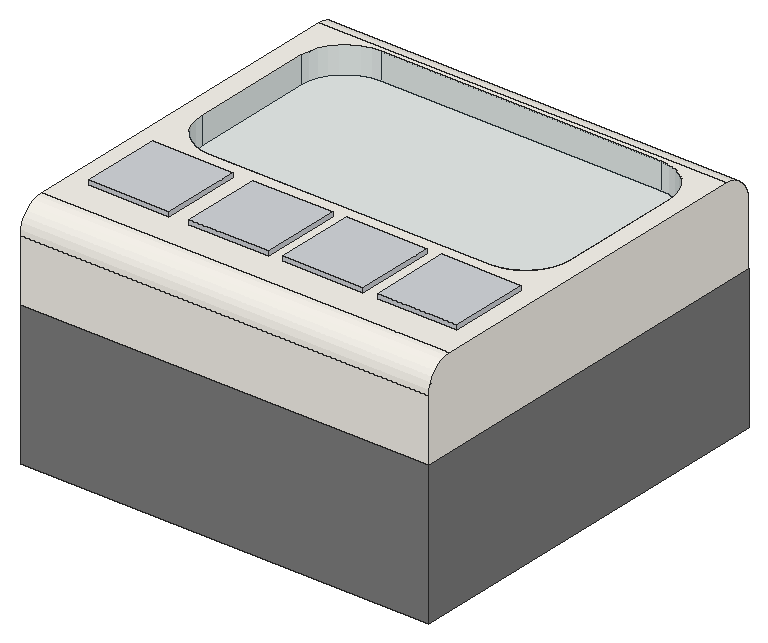
Revit family "Domotics-DomesticRanges-GEWISS-CHORUS_CLIMATE-DAILY-WEEKLY_TIMER", category Apparecchi elettrici, host Superficie, Revit 2016
Family settings
  Host = Superficie
  Mantenere orientamento annotazione = Sì
  Tipo di parte = Normale
  Quota connettore circolare = Usa diametro
  Taglio con vuoti quando caricato = Sì
  Condiviso = Sì
  Punto di calcolo locali = Sì
Parameters (values of type "GW14581 - Dly/wkly electronic timer 1 channel 2M Titanium")
  finitura = GEWISS TITANIO
  Version file RFA = "19.0"
  VISIBILITA' SIMBOLO [instance] = yes
  URL = "https://www.gewiss.com/ww/en"
  Tipo_ = CHORUS PROGRAMMATORE_g : GW14581 Programmatore elettronico giornaliero/settimanale 2M titanio
  Technical sheet = "https://www.gewiss.com/ww/en/search?q=GW14581"
  Supply voltage = "230 V ac - 50/60 Hz"
  SEO = "Programmer"
  Realized by GEWISS S.p.A. = ""
  Produttore = "GEWISS S.p.A."
  Output contacts = "1NO/NC 8A(AC1)/4A(AC15) 250V ac"
  Offset_bidimensionale [instance] = 2 mm
  Default Elevation = 1219.2 mm
  Offset_programmatore [instance] = 0 mm
  No. Chorus modules: = "2"
  No. Chorus modules = "2"
  Modello = "GW14581"
  Larghezza_Termometro = 23 mm
  Immagine tipo = GW14581.jpg
  IFC.TypeObject = ""
  IFC.ExportType = ""
  IFC.ExportAs = ""
  IDT = "c8a0c6df-912e-4acc-8e0a-20c261d53a2b"
  IDF = "5ac071e2-b636-417d-aa84-081a2f27b228"
  Electrocod = "0141"
  EAN code = "8011564268029"
  Distanza_x [instance] = 0 mm
  Distanza_effettiva_x [instance] = 1500 mm - Distanza_x  # 1500 mm
  Descrizione = "DLY/WKLY ELECTRONIC TIMER 1 CHANNEL 2M T"
  Description. = "Programmer"
  Colour = "Titanium"
  Catalogue Range = "CHORUS - DOMESTIC RANGE"
  Catalogue = "DOMOTICS"
  COBie.Tagnumber = ""
  COBie.CreatedOn = ""
  COBie.CreatebBy = ""
  COBie.ComponentRegisterItemID = ""
  COBie.Component.TagNumber = ""
  COBie.Component.Space = ""
  COBie.Component.SerialNumber = ""
  COBie.Component.InstallationDate = ""
  COBie.Component.Description = ""
  COBie.Component.BarCode = ""
  Altezza_Termometro = 45 mm
Types (3, lengths in mm): name | finitura | Tipo_ | Technical sheet | Modello | Immagine tipo | IDT | EAN code | Descrizione | Colour
  GW10581 - Dly/wkly electronic timer 1 channel 2M White | GEWISS BIANCO | CHORUS PROGRAMMATORE_g : GW10581 Programmatore elettronico giornaliero/settimanale 2M bianco | "https://www.gewiss.com/ww/en/search?q=GW10581" | "GW10581" | GW10581.jpg | "c654e93a-64a1-4ce5-a123-c3f68a023764" | "8011564262973" | "DLY/WKLY ELECTRONIC TIMER 1 CHANNEL 2M W" | "White"
  GW12581 - Dly/wkly electronic timer 1 channel 2M Black | GEWISS NERO | CHORUS PROGRAMMATORE_g : GW12581 Programmatore elettronico giornaliero/settimanale 2M nero | "https://www.gewiss.com/ww/en/search?q=GW12581" | "GW12581" | GW12581.jpg | "74fe58c9-4da3-4620-a140-3c64371ee679" | "8011564267374" | "DLY/WKLY ELECTRONIC TIMER 1 CHANNEL 2M B" | "Black"
  GW14581 - Dly/wkly electronic timer 1 channel 2M Titanium | GEWISS TITANIO | CHORUS PROGRAMMATORE_g : GW14581 Programmatore elettronico giornaliero/settimanale 2M titanio | "https://www.gewiss.com/ww/en/search?q=GW14581" | "GW14581" | GW14581.jpg | "c8a0c6df-912e-4acc-8e0a-20c261d53a2b" | "8011564268029" | "DLY/WKLY ELECTRONIC TIMER 1 CHANNEL 2M T" | "Titanium"
Reference planes
  plane 1 "Centro (Fronte/Retro)": y = 0
  plane 2: z = 0
  plane 3 "Centro (Sinistra/Destra)": x = 0
  plane 4: x = 0
  plane 5: x = -23
  plane 6: x = 23
  plane 7: y = -22.5
  plane 8: y = 22.5
  plane 9: through (-188, -4572, 0) normal (0.2756, 0, 0.9613)
  plane 10: through (-84.825, -4572, 124.258) normal (0.6561, 0, 0.7547)
  plane 11: z = 0
  plane 12 "aa": z = 28
  plane 13: z = 26
  plane 14: x = -1500
Lines and regions (mm)
  Masking region 1
    outline origin (0, 0, 0) x (0, 1, 0) y (0, 0, 1)
      loop
        line (-22.5, 22.261) -> (-22.5, 20) -> (22.5, 20) -> (22.5, 22.261) -> (-22.5, 22.261)
  Masking region 2, detail levels coarse
    outline origin (0, 0, 0) x (1, 0, 0) y (0, 0, 1)
      loop
        line (-23, 0) -> (23, 0) -> (23, 26) -> (-23, 26) -> (-23, 0)
  model lines, detail levels coarse
    curve 1: line (23, -22.5, 28) -> (-23, -22.5, 28)
    curve 2: line (23, 22.5, 28) -> (23, -22.5, 28)
    curve 3: line (-23, 22.5, 28) -> (23, 22.5, 28)
    curve 4: line (-23, -22.5, 28) -> (-23, 22.5, 28)
    curve 9: line (-20.597, -15.875, 28) -> (-11.597, -15.875, 28)
    curve 10: line (-11.597, -15.875, 28) -> (-11.597, -6.875, 28)
    curve 11: line (-11.597, -6.875, 28) -> (-20.597, -6.875, 28)
    curve 12: line (-20.597, -6.875, 28) -> (-20.597, -15.875, 28)
    curve 13: line (-9.283, -15.875, 28) -> (-0.283, -15.875, 28)
    curve 14: line (-0.283, -15.875, 28) -> (-0.283, -6.875, 28)
    curve 15: line (-0.283, -6.875, 28) -> (-9.283, -6.875, 28)
    curve 16: line (-9.283, -6.875, 28) -> (-9.283, -15.875, 28)
    curve 17: line (1.251, -15.875, 28) -> (10.251, -15.875, 28)
    curve 18: line (10.251, -15.875, 28) -> (10.251, -6.875, 28)
    curve 19: line (10.251, -6.875, 28) -> (1.251, -6.875, 28)
    curve 20: line (1.251, -6.875, 28) -> (1.251, -15.875, 28)
    curve 21: line (11.922, -15.875, 28) -> (20.922, -15.875, 28)
    curve 22: line (20.922, -15.875, 28) -> (20.922, -6.875, 28)
    curve 23: line (20.922, -6.875, 28) -> (11.922, -6.875, 28)
    curve 24: line (11.922, -6.875, 28) -> (11.922, -15.875, 28)
    curve 25: arc (20.922, -0.004, 28) -> (19.457, -3.54, 28) -> (15.922, -5.004, 28) r 5
    curve 26: line (15.922, -5.004, 28) -> (-15.597, -5.004, 28)
    curve 27: arc (-15.597, -5.004, 28) -> (-19.133, -3.54, 28) -> (-20.597, -0.004, 28) r 5
    curve 28: line (-20.597, -0.004, 28) -> (-20.597, 13.996, 28)
    curve 29: arc (-20.597, 13.996, 28) -> (-19.133, 17.531, 28) -> (-15.597, 18.996, 28) r 5
    curve 30: line (-15.597, 18.996, 28) -> (15.922, 18.996, 28)
    curve 31: arc (15.922, 18.996, 28) -> (19.457, 17.531, 28) -> (20.922, 13.996, 28) r 5
    curve 32: line (20.922, 13.996, 28) -> (20.922, -0.004, 28)
    curve 57: line (-7.309, -12.294, 28) -> (-4.581, -9.566, 28)
    curve 58: line (-4.581, -9.566, 28) -> (-2.105, -12.043, 28)
    curve 59: line (3.225, -12.294, 28) -> (5.952, -9.566, 28)
    curve 60: line (5.952, -9.566, 28) -> (8.429, -12.043, 28)
  model lines, not visible, detail levels coarse
    curve 5: line (152.8, -22.5, 50.692) -> (106.8, -22.5, 50.692)
    curve 6: line (152.8, 22.5, 50.692) -> (152.8, -22.5, 50.692)
    curve 7: line (106.8, 22.5, 50.692) -> (152.8, 22.5, 50.692)
    curve 8: line (106.8, -22.5, 50.692) -> (106.8, 22.5, 50.692)
    curve 33: line (109.202, -15.875, 50.692) -> (118.202, -15.875, 50.692)
    curve 34: line (118.202, -15.875, 50.692) -> (118.202, -6.875, 50.692)
    curve 35: line (118.202, -6.875, 50.692) -> (109.202, -6.875, 50.692)
    curve 36: line (109.202, -6.875, 50.692) -> (109.202, -15.875, 50.692)
    curve 37: line (120.517, -15.875, 50.692) -> (129.517, -15.875, 50.692)
    curve 38: line (129.517, -15.875, 50.692) -> (129.517, -6.875, 50.692)
    curve 39: line (129.517, -6.875, 50.692) -> (120.517, -6.875, 50.692)
    curve 40: line (120.517, -6.875, 50.692) -> (120.517, -15.875, 50.692)
    curve 41: line (131.05, -15.875, 50.692) -> (140.05, -15.875, 50.692)
    curve 42: line (140.05, -15.875, 50.692) -> (140.05, -6.875, 50.692)
    curve 43: line (140.05, -6.875, 50.692) -> (131.05, -6.875, 50.692)
    curve 44: line (131.05, -6.875, 50.692) -> (131.05, -15.875, 50.692)
    curve 45: line (141.721, -15.875, 50.692) -> (150.721, -15.875, 50.692)
    curve 46: line (150.721, -15.875, 50.692) -> (150.721, -6.875, 50.692)
    curve 47: line (150.721, -6.875, 50.692) -> (141.721, -6.875, 50.692)
    curve 48: line (141.721, -6.875, 50.692) -> (141.721, -15.875, 50.692)
    curve 49: arc (150.721, -0.004, 50.692) -> (149.257, -3.54, 50.692) -> (145.721, -5.004, 50.692) r 5
    curve 50: line (145.721, -5.004, 50.692) -> (114.202, -5.004, 50.692)
    curve 51: arc (114.202, -5.004, 50.692) -> (110.667, -3.54, 50.692) -> (109.202, -0.004, 50.692) r 5
    curve 52: line (109.202, -0.004, 50.692) -> (109.202, 13.996, 50.692)
    curve 53: arc (109.202, 13.996, 50.692) -> (110.667, 17.531, 50.692) -> (114.202, 18.996, 50.692) r 5
    curve 54: line (114.202, 18.996, 50.692) -> (145.721, 18.996, 50.692)
    curve 55: arc (145.721, 18.996, 50.692) -> (149.257, 17.531, 50.692) -> (150.721, 13.996, 50.692) r 5
    curve 56: line (150.721, 13.996, 50.692) -> (150.721, -0.004, 50.692)
    curve 61: line (122.491, -12.294, 50.692) -> (125.218, -9.566, 50.692)
    curve 62: line (125.218, -9.566, 50.692) -> (127.695, -12.043, 50.692)
    curve 63: line (133.024, -12.294, 50.692) -> (135.752, -9.566, 50.692)
    curve 64: line (135.752, -9.566, 50.692) -> (138.228, -12.043, 50.692)
Text (mm)
  text "c=b/2" at (-42.758, 0, 50.242), in view "Anteriore"
Dimensions and locks
  plane 14 to plane 3 "Centro (Sinistra/Destra)" = 1500 mm
  "Offset_programmatore": plane 11 to plane 2
  locked: plane 13 to plane 11 at 26
  "Offset_bidimensionale": plane 12 "aa" to plane 13
  "Distanza_effettiva_x": plane 14 to plane 4
  angle plane 10 to plane 9 = 25.00°
  aligned and locked: plane 2 to host face
  aligned and locked: level to host face
  aligned and locked: plane 1 "Centro (Fronte/Retro)" to nested 1
  aligned and locked: Masking region 1 sketch curve to plane 8
  aligned and locked: plane 7 to Masking region 1 sketch curve
  aligned and locked: nested 1 to plane 11
  aligned and locked: plane 6 to Masking region 2 sketch curve
  aligned and locked: Masking region 2 sketch curve to plane 11
  aligned and locked: Masking region 2 sketch curve to plane 5
  aligned and locked: plane 12 "aa" to curve 1
  aligned and locked: plane 4 to nested 2
Automatic sketch dimensions
  host sketch curve to host sketch curve = 2438.4 mm  (x2)
  curve 1 to curve 23 = 2.078 mm
  curve 2 to curve 31 = 7.078 mm
  curve 22 to curve 25 = 5 mm
  curve 25 to curve 23 = 4 mm
  curve 23 to curve 19 = 1.671 mm
  curve 17 to curve 17 = 9 mm
  curve 19 to curve 14 = 1.534 mm
  curve 13 to curve 13 = 9 mm
  curve 13 to curve 10 = 2.315 mm
  curve 10 to curve 29 = 4 mm
  curve 10 to curve 27 = 4 mm
  curve 9 to curve 9 = 9 mm
  curve 9 to curve 4 = 2.403 mm
  curve 3 to curve 29 = 8.504 mm
  curve 31 to curve 25 = 14 mm
  curve 27 to curve 11 = 6.871 mm
  curve 10 to curve 16 = 0 mm
  curve 25 to curve 18 = 6.871 mm
  curve 25 to curve 22 = 6.871 mm
  curve 23 to curve 24 = 9 mm
  curve 19 to curve 20 = 9 mm
  curve 15 to curve 16 = 9 mm
  curve 11 to curve 12 = 9 mm
  curve 21 to curve 2 = 6.625 mm
  curve 31 to curve 31 = 5 mm
  curve 29 to curve 28 = 5 mm
  curve 5 to curve 47 = 2.078 mm
  curve 6 to curve 55 = 7.078 mm
  curve 46 to curve 49 = 5 mm
  curve 49 to curve 47 = 4 mm
  curve 47 to curve 43 = 1.671 mm
  curve 41 to curve 41 = 9 mm
  curve 43 to curve 38 = 1.534 mm
  curve 37 to curve 37 = 9 mm
  curve 37 to curve 34 = 2.315 mm
  curve 34 to curve 53 = 4 mm
  curve 34 to curve 51 = 4 mm
  curve 33 to curve 33 = 9 mm
  curve 33 to curve 8 = 2.403 mm
  curve 7 to curve 53 = 8.504 mm
  curve 55 to curve 49 = 14 mm
  curve 51 to curve 35 = 6.871 mm
  curve 34 to curve 40 = 0 mm
  curve 49 to curve 42 = 6.871 mm
  curve 49 to curve 46 = 6.871 mm
  curve 47 to curve 48 = 9 mm
  curve 43 to curve 44 = 9 mm
  curve 39 to curve 40 = 9 mm
  curve 35 to curve 36 = 9 mm
  curve 45 to curve 6 = 6.625 mm
  curve 55 to curve 55 = 5 mm
  curve 53 to curve 52 = 5 mm
  plane 11 to Masking region 1 sketch curve = 22.261 mm
  level to Masking region 1 sketch curve = 20 mm
  Masking region 2 sketch curve to Masking region 2 sketch curve = 26 mm
  curve 58 to curve 57 = 2.477 mm
  curve 59 to curve 58 = 5.329 mm
  curve 60 to curve 59 = 2.477 mm
  curve 57 to curve 57 = 2.728 mm
  curve 57 to curve 60 = 0 mm
  curve 57 to curve 58 = 2.477 mm
  curve 59 to curve 60 = 2.477 mm
  curve 60 to curve 59 = 2.728 mm
  curve 62 to curve 61 = 2.477 mm
  curve 63 to curve 62 = 5.329 mm
  curve 64 to curve 63 = 2.477 mm
  curve 61 to curve 61 = 2.728 mm
  curve 61 to curve 64 = 0 mm
  curve 61 to curve 62 = 2.477 mm
  curve 63 to curve 64 = 2.477 mm
  curve 64 to curve 63 = 2.728 mm
Nested families
  nested 1: "CHORUS PROGRAMMATORE_g" at (-10.2, 0, 0), type <- "Tipo_", type "GW14581 Programmatore elettronico giornaliero/settimanale 2M titanio", detail levels medium+fine
    with Spostamento_y_effettivo_etichetta 1000 mm, Spostamento_X_etichetta 0 mm, Spostamento_X_effettivo_etichetta 1000 mm, Cornice simbolo yes
  nested 2: "PROGRAMMAT" at (0, 175.73, 0), SIMBOLO <- "VISIBILITA' SIMBOLO", visible <- "VISIBILITA' SIMBOLO", type "PROGRAMMAT"
    with SIMBOLO yes, Distanza dal muro 6 mm, BORDO ACCESO yes
Definition of nested family "CHORUS PROGRAMMATORE_g"
  Parameters (values of type "GW12708 Orologio-sveglia-termometro 2M titanio")
    Tasti = none
    Spostamento_y_effettivo_etichetta [instance] = 1000 mm
    Spostamento_X_etichetta [instance] = 0 mm
    Spostamento_X_effettivo_etichetta [instance] = 1000 mm - Spostamento_X_etichetta  # 1000 mm
    Default Elevation = 1219.2 mm
    Manufacturer = "GEWISS"
    Model = "GW14708"
    Materiale = none
    L = 45 mm
    Type Image = (empty or 0)
    IFC.TypeObject = ""
    IFC.ExportType = ""
    IFC.ExportAs = ""
    H = 46 mm
    Description = ""
    Cornice simbolo [instance] = yes
    Type Comments = ""
    COBie.CreatedOn = ""
    COBie.CreatebBy = ""
    COBie.ComponentRegisterItemID = ""
    COBie.Component.TagNumber = ""
    COBie.Component.Space = ""
    COBie.Component.SerialNumber = ""
    COBie.Component.InstallationDate = ""
    COBie.Component.Description = ""
    COBie.Component.BarCode = ""
  Types (3, lengths in mm): name | Model
    GW12708 Orologio-sveglia-termometro 2M titanio | "GW14708"
    GW12708 Orologio-sveglia-termometro 2M nero | "GW12708"
    GW10708 Orologio-sveglia-termometro 2M bianco | "GW10708"
  Reference planes
    plane 1 "Centro (Fronte/Retro)": y = 0
    plane 2: z = 0
    plane 3 "Centro (Sinistra/Destra)": x = 0
    plane 4: x = 33.2
    plane 5: x = -12.8
    plane 6: x = 0
    plane 7: x = 10.2
    plane 8: y = 22.5
    plane 9: y = -22.5
    plane 10: through (-60.367, 53, 1200) normal (0.9613, 0.2756, 0)
    plane 11: through (-48.369, -19.812, 1200) normal (-0.6428, 0.766, 0)
    plane 12: z = 16
    plane 13: x = -1.397
    plane 14: y = -6.875
    plane 15 "a": z = 26
    plane 16: x = -10.397
    plane 17 "posizione": z = 26.5
    plane 18: y = -15.875
    plane 19: x = 9.917
    plane 20: x = 0.917
    plane 21: x = 20.451
    plane 22: x = 11.451
    plane 23: x = 31.122
    plane 24: x = 22.122
    plane 25: y = 18.996
    plane 26: y = -5.004
    plane 27: x = -11.096
    plane 28: x = 30.904
    plane 29: z = 23
  Forms (mm)
    Extrusion 1, solid
      sketch origin (0, 0, 0) x (1, 0, 0) y (0, 0, 1)
        loop
          line (-12.8, 0) -> (33.2, 0) -> (33.2, 16) -> (-12.8, 16) -> (-12.8, 0)
      from -22.5 to 22.5
    Extrusion 2, solid, material <- "Materiale"
      sketch origin (0, 0, 0) x (0, 1, 0) y (0, 0, 1)
        loop
          line (-22.5, 23) -> (-22.5, 16) -> (22.5, 16) -> (22.5, 23)
          arc (22.5, 23) -> (21.621, 25.121) -> (19.5, 26) r 3
          line (19.5, 26) -> (-19.5, 26)
          arc (-19.5, 26) -> (-21.621, 25.121) -> (-22.5, 23) r 3
      from -12.8 to 33.2
    Extrusion 3, solid, material <- "Tasti"
      sketch origin (0, 0, 26) x (-1, 0, 0) y (0, -1, 0)
        loop
          line (10.397, 15.875) -> (1.397, 15.875) -> (1.397, 6.875) -> (10.397, 6.875) -> (10.397, 15.875)
        loop
          line (-0.917, 15.875) -> (-9.917, 15.875) -> (-9.917, 6.875) -> (-0.917, 6.875) -> (-0.917, 15.875)
        loop
          line (-11.451, 15.875) -> (-20.451, 15.875) -> (-20.451, 6.875) -> (-11.451, 6.875) -> (-11.451, 15.875)
        loop
          line (-22.122, 15.875) -> (-31.122, 15.875) -> (-31.122, 6.875) -> (-22.122, 6.875) -> (-22.122, 15.875)
      from 0 to 0.5
    Extrusion 4, void
      sketch origin (0, 0, 26) x (-1, 0, 0) y (0, -1, 0)
        loop
          arc (10.397, 0.004) -> (8.933, 3.54) -> (5.397, 5.004) r 5
          line (5.397, 5.004) -> (-26.122, 5.004)
          arc (-26.122, 5.004) -> (-29.657, 3.54) -> (-31.122, 0.004) r 5
          line (-31.122, 0.004) -> (-31.122, -13.996)
          arc (-31.122, -13.996) -> (-29.657, -17.531) -> (-26.122, -18.996) r 5
          line (-26.122, -18.996) -> (5.397, -18.996)
          arc (5.397, -18.996) -> (8.933, -17.531) -> (10.397, -13.996) r 5
          line (10.397, -13.996) -> (10.397, 0.004)
      from -3 to 0
    Extrusion 5, solid
      sketch origin (0, 0, 26) x (-1, 0, 0) y (0, -1, 0)
        loop
          arc (10.397, 0.004) -> (8.933, 3.54) -> (5.397, 5.004) r 5
          line (5.397, 5.004) -> (-26.122, 5.004)
          arc (-26.122, 5.004) -> (-29.657, 3.54) -> (-31.122, 0.004) r 5
          line (-31.122, 0.004) -> (-31.122, -13.996)
          arc (-31.122, -13.996) -> (-29.657, -17.531) -> (-26.122, -18.996) r 5
          line (-26.122, -18.996) -> (5.397, -18.996)
          arc (5.397, -18.996) -> (8.933, -17.531) -> (10.397, -13.996) r 5
          line (10.397, -13.996) -> (10.397, 0.004)
      from -3 to 0
  Cuts and joins
    Extrusion 4 cuts Extrusion 2
  Lines and regions (mm)
    model lines
      curve 1: line (2.891, -12.294, 26.5) -> (5.619, -9.566, 26.5)
      curve 2: line (5.619, -9.566, 26.5) -> (8.095, -12.043, 26.5)
      curve 3: line (13.425, -12.294, 26.5) -> (16.152, -9.566, 26.5)
      curve 4: line (16.152, -9.566, 26.5) -> (18.629, -12.043, 26.5)
  Text (mm)
    text "B=C*A" at (54.401, 20.009, 0), in view "Livello rif."
    text "C=b/2" at (42.779, 32.515, 0), in view "Livello rif."
  Dimensions and locks
    equal spacing: plane 8, plane 1 "Centro (Fronte/Retro)", plane 9
    "L": plane 8 to plane 9
    equal spacing: plane 5, plane 7, plane 4
    "H": plane 5 to plane 4
    locked: plane 12 to plane 2 at 16
    locked: plane 17 "posizione" to plane 15 "a" at 0.5
    locked: plane 16 to plane 13 at 9
    locked: plane 14 to plane 18 at 9
    locked: plane 20 to plane 19 at 9
    locked: plane 22 to plane 21 at 9
    locked: plane 24 to plane 23 at 9
    locked: plane 25 to plane 26 at 24
    radius of Extrusion 2 sketch curve = 3 mm  (x2)
    angle plane 1 "Centro (Fronte/Retro)" to plane 7 = 90.00°
    angle plane 11 to plane 10 = 66.00°
    angle plane 10 to plane 11 = 114.00°
    angle plane 8 to plane 11 = 40.00°
    angle plane 9 to plane 11 = 40.00°
    aligned and locked: level to plane 2
    aligned and locked: Extrusion 1 sketch curve to plane 12
    aligned and locked: Extrusion 1 sketch curve to plane 5
    aligned and locked: plane 4 to Extrusion 1 sketch curve
    aligned and locked: Extrusion 1 sketch curve to plane 2
    aligned and locked: plane 8 to Extrusion 1
    aligned and locked: Extrusion 1 to plane 9
    aligned and locked: Extrusion 2 sketch curve to plane 9
    aligned and locked: Extrusion 2 sketch curve to plane 8
    aligned and locked: Extrusion 2 sketch curve to plane 12
    aligned and locked: Extrusion 2 to plane 5
    aligned and locked: plane 4 to Extrusion 2
    aligned and locked: Extrusion 3 sketch curve to plane 16
    aligned and locked: Extrusion 3 sketch curve to plane 18
    aligned and locked: Extrusion 3 sketch curve to plane 14
    aligned and locked: plane 13 to Extrusion 3 sketch curve
    aligned and locked: Extrusion 3 sketch curve to plane 20
    aligned and locked: plane 19 to Extrusion 3 sketch curve
    aligned and locked: Extrusion 3 sketch curve to plane 22
    aligned and locked: plane 21 to Extrusion 3 sketch curve
    aligned and locked: Extrusion 3 sketch curve to plane 24
    aligned and locked: plane 23 to Extrusion 3 sketch curve
    aligned and locked: Extrusion 3 to plane 15 "a"
    aligned and locked: plane 17 "posizione" to Extrusion 3
    aligned and locked: Extrusion 4 sketch curve to plane 16
    aligned and locked: plane 23 to Extrusion 4 sketch curve
    aligned and locked: Extrusion 4 sketch curve to plane 25
    aligned and locked: Extrusion 4 sketch curve to plane 26
    aligned and locked: Extrusion 4 to plane 29
    aligned and locked: plane 15 "a" to Extrusion 4
    aligned and locked: Extrusion 5 sketch curve to plane 16
    aligned and locked: Extrusion 5 sketch curve to plane 26
    aligned and locked: Extrusion 5 sketch curve to plane 25
    aligned and locked: plane 23 to Extrusion 5 sketch curve
    aligned and locked: Extrusion 5 to plane 29
    aligned and locked: plane 15 "a" to Extrusion 5
  Automatic sketch dimensions
    Extrusion 3 sketch curve to plane 18 = 0 mm  (x3)
    Extrusion 3 sketch curve to plane 14 = 0 mm  (x3)
    plane 1 "Centro (Fronte/Retro)" to Extrusion 4 sketch curve = 0.004 mm  (x2)
    Extrusion 4 sketch curve to plane 24 = 4 mm
    plane 13 to Extrusion 4 sketch curve = 4 mm
    Extrusion 5 sketch curve to plane 24 = 4 mm  (x2)
    plane 13 to Extrusion 5 sketch curve = 4 mm
    plane 1 "Centro (Fronte/Retro)" to Extrusion 5 sketch curve = 0.004 mm
    Extrusion 2 sketch curve to plane 29 = 0 mm
    plane 21 to curve 3 = 4.298 mm
    plane 19 to curve 2 = 4.298 mm
    curve 1 to plane 14 = 2.691 mm
    curve 4 to plane 14 = 2.691 mm
    plane 21 to curve 4 = 1.822 mm
    curve 3 to plane 22 = 1.974 mm
    plane 19 to curve 2 = 1.822 mm
    curve 1 to plane 20 = 1.974 mm
    curve 1 to curve 2 = 2.477 mm
    curve 4 to curve 4 = 2.477 mm
Definition of nested family "PROGRAMMAT"
  Parameters (values of type "PROGRAMMAT")
    SIMBOLO [instance] = yes
    Distanza dal muro [instance] = 4.208 mm
    BORDO ACCESO [instance] = yes
  Reference planes
    plane 1: y = 0
    plane 2: x = 0
  Lines and regions (mm)
    detail lines, visible <- "SIMBOLO"
      curve 1: line (-1.043, 3.694, 0) -> (-1.043, 5.133, 0)
      curve 2: line (-1.043, 5.133, 0) -> (1.115, 5.133, 0)
      curve 3: line (1.115, 5.133, 0) -> (1.115, 3.694, 0)
      curve 4: line (1.115, 3.694, 0) -> (-1.043, 3.694, 0)
      curve 5: line (-0.418, 4.786, 0) -> (-0.232, 4.736, 0)
      curve 6: line (-0.232, 4.736, 0) -> (-0.095, 4.6, 0)
      curve 7: line (-0.095, 4.6, 0) -> (-0.045, 4.414, 0)
      curve 8: line (-0.045, 4.414, 0) -> (-0.095, 4.228, 0)
      curve 9: line (-0.095, 4.228, 0) -> (-0.232, 4.091, 0)
      curve 10: line (-0.232, 4.091, 0) -> (-0.418, 4.041, 0)
      curve 11: line (-0.418, 4.041, 0) -> (-0.604, 4.091, 0)
      curve 12: line (-0.604, 4.091, 0) -> (-0.74, 4.228, 0)
      curve 13: line (-0.74, 4.228, 0) -> (-0.79, 4.414, 0)
      curve 14: line (-0.79, 4.414, 0) -> (-0.74, 4.6, 0)
      curve 15: line (-0.74, 4.6, 0) -> (-0.604, 4.736, 0)
      curve 16: line (-0.604, 4.736, 0) -> (-0.418, 4.786, 0)
      curve 17: line (-0.418, 4.724, 0) -> (-0.418, 4.386, 0)
      curve 18: line (-0.63, 4.414, 0) -> (-0.385, 4.414, 0)
      curve 19: line (0.114, 4.414, 0) -> (0.32, 4.414, 0)
      curve 20: line (0.311, 4.254, 0) -> (0.64, 4.414, 0)
      curve 21: line (0.64, 4.414, 0) -> (0.845, 4.414, 0)
